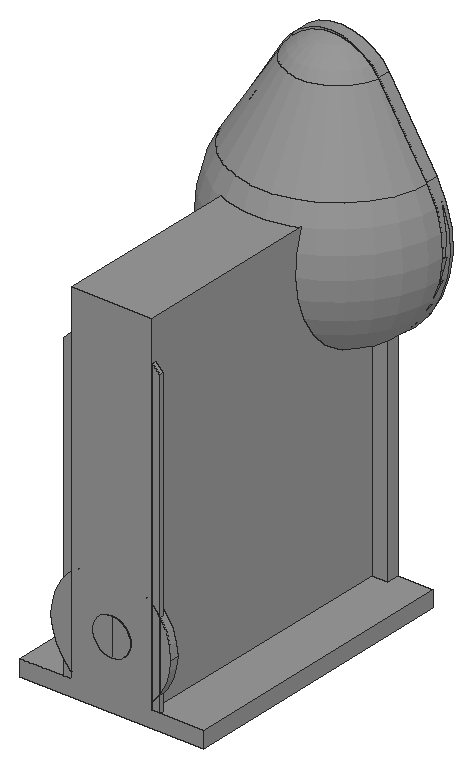
Revit family "Toilet-Willoughby-ETF-1490-FM-FA-TS-HC", category Plumbing Fixtures, Revit 2015
Parameters (values of type "Standard")
  Waste DIA = 2 3/8"
  Waste Connection = yes
  W-RAD [instance] = Waste DIA / 2  # 0' - 1 3/16"
  Vent Connection = no
  URL = "https://www.willoughby-ind.com/wp-content/uploads/2018/01/ETF-1490-FM-FA.pdf"
  Type Comments = ""
  Revision = "A"
  Model = "ETF-1490-FM-FA-TS-HC"
  Manufacturer = "Willoughby Industries"
  HW Connection = no
  Flush inlet DIA = 1 1/2"
  Fixture Body = Stainless Steel AISI 304-Willoughby
  F-RAD [instance] = Flush inlet DIA / 2  # 0' - 0 3/4"
  Description = "Floor Outlet, Floor Mounted Toilet, Front Access, Top Spud, Handicap Seat Height"
  Default Elevation = 0' - 0"
  Contact Number = "(800) 428-4065"
  CW Connection = yes
Reference planes (in)
  plane 1 "Base": y = -16.25
  plane 2: z = 0
  plane 3 "Center": x = 18.31072
  plane 4 "Waste height": y = -4.75
  plane 5: y = -1.25
  plane 6: z = -6.75
  plane 7: y = -2.125
  plane 8: y = -14.0625
  plane 9: y = 0.5
  plane 10: x = 16.56072
  plane 11: x = 20.06072
  plane 12: x = 11.56072
  plane 13: x = 25.06072
  plane 14: z = 23
  plane 15: z = 30.75
  plane 16: x = 15.81072
  plane 17: x = 20.81072
  plane 18: x = 15.81072
  plane 19: x = 20.81072
  plane 20: z = 4.25
  plane 21: x = 12.56072
  plane 22: x = 24.06072
  plane 23: z = 2.75
Forms (in)
  Extrusion 1, solid, material "Stainless Steel AISI 304-Willoughby" <- "Fixture Body"
    sketch origin (16.08109, 7.47968, -2.20225) x (-1, 0, 0) y (0, 0, -1)
      loop
        line (1.29775, -16.80087) -> (1.29775, -3.20225) -> (-5.72963, -3.20225) -> (-5.72963, -16.81676)
        arc (-5.72963, -16.81676) -> (-8.98136, -21.11843) -> (-8.21015, -26.45542) r 7
        line (-8.21015, -26.45542) -> (-5.16818, -31.31054)
        arc (-5.16818, -31.31054) -> (-2.20225, -32.95225) -> (0.76368, -31.31054) r 3.5
        line (0.76368, -31.31054) -> (3.80565, -26.45542)
        arc (3.80565, -26.45542) -> (4.5729, -21.10311) -> (1.29775, -16.80087) r 7
      loop
        arc (2.03989, -24.70557) -> (-2.20225, -18.23804) -> (-6.44438, -24.70557) r 4.625
        line (-6.44438, -24.70557) -> (-4.04125, -30.23842)
        arc (-4.04125, -30.23842) -> (-2.20225, -31.45225) -> (-0.36324, -30.23842) r 2
        line (-0.36324, -30.23842) -> (2.03989, -24.70557)
    from 8.72968 to 9.5
  Revolve 2, solid, material "Stainless Steel AISI 304-Willoughby" <- "Fixture Body"
    sketch origin (19.37246, -1.52032, 1.00169) x (-1, 0, 0) y (0, 0, -1)
      loop
        line (1.06174, -12.59906) -> (1.06174, -12.84906)
        arc (1.06174, -12.84906) -> (6.91177, -17.54136) -> (5.58904, -24.92315) r 7.34171
        line (5.58904, -24.92315) -> (3.81535, -27.91457)
        arc (3.81535, -27.91457) -> (2.63527, -29.03194) -> (1.06174, -29.43826) r 3.25
        line (1.06174, -29.43826) -> (1.06174, -29.68826)
        arc (1.06174, -29.68826) -> (2.75672, -29.25045) -> (4.02767, -28.04656) r 3.5
        line (4.02767, -28.04656) -> (7.06964, -23.19143)
        arc (7.06964, -23.19143) -> (7.15052, -16.14555) -> (1.06174, -12.59906) r 7
      axis (1.06174, -12.59906) -> (1.06174, -29.68826)
    angle from 0 to -180
  Extrusion 3, solid, material "Stainless Steel AISI 304-Willoughby" <- "Fixture Body"
    sketch origin (19.53334, -3.02032, -4.9508) x (0, 1, 0) y (0, 0, 1)
      loop
        line (-4.42257, 4.9508) -> (1.02643, 4.9508) -> (1.02643, 18.97156)
        arc (1.02643, 18.97156) -> (-2.31062, 20.32275) -> (-4.42257, 23.23845) r 6.52287
        line (-4.42257, 23.23845) -> (-4.42257, 4.9508)
    from 1.27686 to -3.72262
  Extrusion 4, solid, material "Stainless Steel AISI 304-Willoughby" <- "Fixture Body"
    sketch origin (0, -16.25, 0) x (1, 0, 0) y (0, 0, 1)
      loop
        line (24.06072, 0) -> (24.06072, 1) -> (12.56072, 1) -> (12.56072, 0) -> (24.06072, 0)
    from -15 to 3.00195
  Extrusion 5, solid, material "Stainless Steel AISI 304-Willoughby" <- "Fixture Body"
    sketch origin (0, -16.25, 0) x (1, 0, 0) y (0, 0, 1)
      loop
        line (20.81072, 0) -> (20.81072, 23) -> (15.81072, 23) -> (15.81072, 0) -> (20.81072, 0)
    from 3.00195 to -8.80711
  Revolve 6, solid, material "Stainless Steel AISI 304-Willoughby" <- "Fixture Body"
    sketch origin (18.31072, -3, 0) x (0, 1, 0) y (0, 0, 1)
      loop
        line (-16.25195, 4.25) -> (-14.75, 4.25) -> (-14.75, 5.4375) -> (-16.25195, 5.4375) -> (-16.25195, 4.25)
      axis (-14.75, 4.25) -> (-16.25195, 4.25)
    angle from 0 to 360
  Revolve 7, solid, material "Stainless Steel AISI 304-Willoughby" <- "Fixture Body"
    sketch origin (18.31072, 0, 0) x (0, 1, 0) y (0, 0, 1)
      loop
        line (-1.25011, 2.75) -> (-1.25011, 3.5) -> (-3, 3.5) -> (-3, 2.75) -> (-1.25011, 2.75)
      axis (-1.25011, 2.75) -> (-3, 2.75)
    angle from 0 to 360
  Extrusion 8, solid, material "Stainless Steel AISI 304-Willoughby" <- "Fixture Body"
    sketch origin (0, -16.25, 0) x (1, 0, 0) y (0, 0, 1)
      loop
        circle (18.26817, 4.22179) r 3.75
    from 3 to 2.5
  Extrusion 9, solid, material "Stainless Steel AISI 304-Willoughby" <- "Fixture Body"
    sketch origin (0, -16.25, 0) x (1, 0, 0) y (0, 0, 1)
      loop
        line (20.81072, 1) -> (21.31072, 1) -> (21.31072, 20) -> (20.81072, 20.5) -> (15.81072, 20.5) -> (15.31072, 20) -> (15.31072, 1) -> (15.81072, 1) -> (20.81072, 1)
    from 3 to 2.75
Cuts and joins
  joined: Extrusion 1, Extrusion 3, Extrusion 4, Extrusion 5
Lines and regions (in)
  model lines, detail levels coarse+medium
    curve 1: line (13.81072, -16.25, 0) -> (22.81072, -16.25, 0)
    curve 2: line (22.81072, -16.25, 1) -> (13.81072, -16.25, 1)
  symbolic lines, style "PlumbingFixtures"
    curve 3: line (18.31072, -1.25, 5) -> (18.31072, -1.25, 25.81005)
  symbolic lines
    curve 4: line (11.28334, -1.25, 0) -> (25.28334, -1.25, 0)
    curve 5: line (25.28334, -1.25, 0) -> (25.28334, -2.02032, 0)
    curve 6: line (11.28334, -1.25, 0) -> (11.28334, -2.02032, 0)
    curve 7: arc (11.28334, -2.02032, 0) -> (13.53774, -6.64732, 0) -> (18.31072, -8.57346, 0) r 7.17351
    curve 8: arc (18.31072, -8.57346, 0) -> (23.07813, -6.66, 0) -> (25.28334, -2.02032, 0) r 7.05363
    curve 9: line (15.81072, -8.07914, 0) -> (15.81072, -15.75, 0)
    curve 10: line (12.56072, -5.52527, 0) -> (12.56072, -16.25, 0)
    curve 11: line (12.56072, -16.25, 0) -> (24.06072, -16.25, 0)
    curve 12: line (24.06072, -16.25, 0) -> (24.06072, -5.51508, 0)
    curve 13: line (20.81072, -8.09152, 0) -> (20.81072, -16.25, 0)
    curve 14: line (12.56072, -16.25, 0) -> (24.06072, -16.25, 0)
    curve 15: line (24.06072, -16.25, 0) -> (24.06072, -16.25, 1)
    curve 16: line (24.06072, -16.25, 1) -> (21.81072, -16.25, 1)
    curve 17: line (21.81072, -16.25, 1) -> (21.81072, -16.25, 14.61451)
    curve 18: line (14.78334, -16.25, 14.59862) -> (14.78334, -16.25, 1)
    curve 19: line (14.78334, -16.25, 1) -> (12.56072, -16.25, 1)
    curve 20: line (12.56072, -16.25, 1) -> (12.56072, -16.25, 0)
    curve 21: arc (21.81072, -16.25, 14.61451) -> (25.06245, -16.25, 18.91618) -> (24.29124, -16.25, 24.25317) r 7
    curve 22: line (24.29124, -16.25, 24.25317) -> (21.24927, -16.25, 29.1083)
    curve 23: arc (21.24927, -16.25, 29.1083) -> (18.28334, -16.25, 30.75) -> (15.31741, -16.25, 29.1083) r 3.5
    curve 24: line (15.31741, -16.25, 29.1083) -> (12.35249, -16.25, 24.379)
    curve 25: arc (12.35249, -16.25, 24.379) -> (11.49002, -16.25, 18.97236) -> (14.78334, -16.25, 14.59862) r 7
    curve 30: line (18.31072, -1.25, 0) -> (18.31072, -1.25, 30.75)
    curve 31: line (18.31072, -1.25, 30.75) -> (18.31072, -2.02032, 30.75)
    curve 32: arc (18.31072, -2.02032, 30.75) -> (18.31072, -3.19741, 30.282) -> (18.31072, -4.16324, 29.4624) r 3.9118
    curve 33: line (18.31072, -4.16324, 29.4624) -> (18.31072, -7.52822, 24.19312)
    curve 34: arc (18.31072, -7.52822, 24.19312) -> (18.31072, -7.84583, 23.61494) -> (18.31072, -8.08458, 23) r 5.00151
    curve 35: line (18.31072, -7.5932, 23) -> (18.31072, -16.25, 23)
    curve 36: line (18.31072, -16.25, 23) -> (18.31072, -16.25, 0)
    curve 37: line (18.31072, -16.25, 0) -> (18.31072, -1.25, 0)
    curve 38: line (18.31072, -2.125, 0) -> (18.31072, -2.125, 14)
    curve 39: arc (18.31072, -2.125, 14) -> (18.31072, -7.03014, 17.18092) -> (18.31072, -7.5932, 23) r 6.72716
    curve 40: arc (21.81072, -16.25, 5.45177) -> (22.01817, -16.25, 4.22179) -> (21.81072, -16.25, 2.99181) r 3.75
    curve 41: arc (14.78334, -16.25, 5.60687) -> (14.51817, -16.25, 4.22179) -> (14.78334, -16.25, 2.83672) r 3.75
  symbolic lines, detail levels fine
    curve 26: arc (14.0412, -16.25, 22.50332) -> (18.28334, -16.25, 16.0358) -> (22.52547, -16.25, 22.50332) r 4.625
    curve 27: line (22.52547, -16.25, 22.50332) -> (20.12234, -16.25, 28.03617)
    curve 28: arc (20.12234, -16.25, 28.03617) -> (18.28334, -16.25, 29.2424) -> (16.44433, -16.25, 28.03617) r 2.00498
    curve 29: line (16.44433, -16.25, 28.03617) -> (14.0412, -16.25, 22.50332)
Dimensions and locks (in)
  plane 1 "Base" to plane 5 = 1' - 3"
  level to plane 15 = 2' - 6 3/4"
  plane 21 to plane 22 = 0' - 11 1/2"  (x2)
  plane 13 to plane 22 = 0' - 1"
  level to plane 20 = 0' - 4 1/4"
  plane 21 to plane 3 "Center" = 0' - 5 3/4"
  level to plane 23 = 0' - 2 3/4"
  plane 18 to plane 19 = 0' - 5"
Connectors (in)
  piping at (18.31072, -19.25195, 4.25), diameter 2.375, driven by "W-RAD", driven by "Waste Connection"
    settings: on Revolve 6, index 4, connector inside diameter 24", connector length 0' - 0", flow factor 0, pipe flow 0 GPM, pressure drop 0.00 psi, fitting loss kfactor 0, connector angle 0.00°, fixture units 0, engagement length 0' - 0", angle of deflection 0.00°, flow configuration 0, flow direction 2, fitting loss method 0, system type 16, joint type 0, gender type 0, connector reference index -1, connector utility 1, adjustable connector no, is connector primary yes, connector description "Toilet Waste"
  piping at (18.31072, -1.25011, 2.75), diameter 1.5, driven by "F-RAD", driven by "CW Connection"
    settings: on Revolve 7, index 5, connector inside diameter 24", connector length 0' - 0", flow factor 0, pipe flow 0 GPM, pressure drop 0.00 psi, fitting loss kfactor 0, connector angle 0.00°, fixture units 0, engagement length 0' - 0", angle of deflection 0.00°, flow configuration 0, flow direction 1, fitting loss method 0, system type 20, joint type 0, gender type 0, connector reference index -1, connector utility 1, adjustable connector no, is connector primary no, connector description "Flush Inlet"
